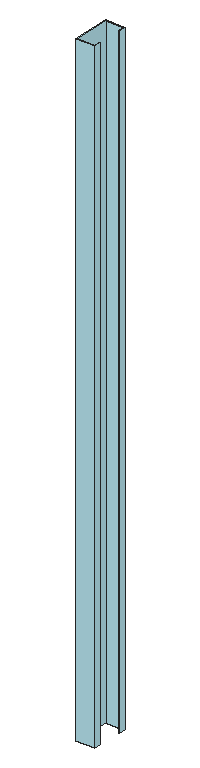
Revit family "lg60x30x10x1-6", category 機械設備, Revit 2022
Family settings
  丸型コネクタ寸法 = 直径を使用
  種別 = なし
  パーツ タイプ = 標準
  作業面ベース = いいえ
  常に垂直 = はい
  ロード時にボイドで切り取り = いいえ
  注釈の向きを維持 = いいえ
  共有 = いいえ
  部屋計算ポイント = いいえ
Parameters
  製造元 = "株式会社桐井製作所"
  既定の高さ = 0 mm
  URL = "https://www.kirii.co.jp/"
  K_長さ(mm) [instance] = 1000 mm
  K_材質 = "SSC400"
  K_断面積A(mm2) = 207.1
  K_断面係数Zy(mm3) = 1318
  K_断面係数Zx(mm3) = 3876
  K_断面2次半径iy(mm) = 11.1
  K_断面2次半径ix(mm) = 23.7
  K_断面2次モーメントIy(mm4) = 25560
  K_断面2次モーメントIx(mm4) = 116300
  K_外形寸法(mm) = "60×30×10×1.6"
  K_品名 = "(JIS)60×30×10×1.6"
  K_名称 = "補強材"
  K_単位質量(kg/m) = 1.65
  K_ヤング係数E(N/mm2) = 205000
  K_バージョン情報 = "20210524"
  K_めっき付着量 = "Z12"
  K_JIS規格 = "JIS G 3350"
Reference planes
  plane 1 "中心(正面/背面)": y = 0
  plane 2: z = 0
  plane 3 "中心(左/右)": x = 0
  plane 4: z = 1000
  plane 5: y = 60
Forms (mm)
  Extrusion 1, solid
    sketch origin (0, 0, 0) x (1, 0, 0) y (0, 1, 0)
      loop
        line (0, 0) -> (30, 0) -> (30, 10) -> (28.4, 10) -> (28.4, 1.6) -> (1.6, 1.6) -> (1.6, 58.4) -> (28.4, 58.4) -> (28.4, 50) -> (30, 50) -> (30, 60) -> (0, 60) -> (0, 0)
    from 0 to 1000
Dimensions and locks
  "K_長さ(mm)": plane 4 to plane 2
  aligned and locked: level to plane 2
  aligned and locked: plane 4 to Extrusion 1
Automatic sketch dimensions
  Extrusion 1 sketch curve to plane 3 "中心(左/右)" = 0 mm
  plane 1 "中心(正面/背面)" to Extrusion 1 sketch curve = 0 mm
  Extrusion 1 sketch curve to plane 1 "中心(正面/背面)" = 10 mm
  Extrusion 1 sketch curve to Extrusion 1 sketch curve = 26.8 mm  (x2)
  Extrusion 1 sketch curve to Extrusion 1 sketch curve = 1.6 mm  (x3)
  Extrusion 1 sketch curve to plane 1 "中心(正面/背面)" = 1.6 mm
  Extrusion 1 sketch curve to Extrusion 1 sketch curve = 40 mm
  Extrusion 1 sketch curve to Extrusion 1 sketch curve = 8.4 mm
  plane 3 "中心(左/右)" to Extrusion 1 sketch curve = 1.6 mm
